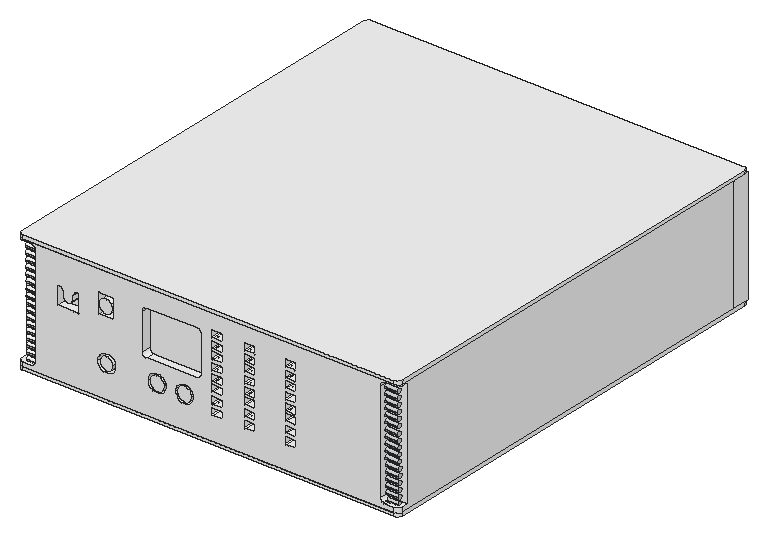
Revit family "RK-MCU", category Electrical Equipment, Revit 2016 (continued)
Definition of nested family "EN54"
  Automatic sketch dimensions
    Extrusion 8 sketch curve to Extrusion 8 sketch curve = 3.078 mm  (x2)
    Extrusion 8 sketch curve to Extrusion 8 sketch curve = 3.867 mm  (x3)
    Extrusion 8 sketch curve to Extrusion 8 sketch curve = 3.836 mm
    Extrusion 8 sketch curve to Extrusion 8 sketch curve = 5.748 mm
    Extrusion 8 sketch curve to Extrusion 8 sketch curve = 5.999 mm
    Extrusion 8 sketch curve to Extrusion 8 sketch curve = 1.356 mm
    Extrusion 8 sketch curve to Extrusion 8 sketch curve = 1.607 mm
    Extrusion 8 sketch curve to Extrusion 8 sketch curve = 2.108 mm
    Extrusion 8 sketch curve to Extrusion 8 sketch curve = 4.079 mm
    Extrusion 8 sketch curve to Extrusion 8 sketch curve = 0.099 mm
    Extrusion 8 sketch curve to Extrusion 8 sketch curve = 0.256 mm
    Extrusion 8 sketch curve to Extrusion 8 sketch curve = 2.892 mm
    Extrusion 8 sketch curve to Extrusion 8 sketch curve = 4.193 mm
    Extrusion 8 sketch curve to Extrusion 8 sketch curve = 6.988 mm
    Extrusion 8 sketch curve to Extrusion 8 sketch curve = 1.396 mm
    Extrusion 8 sketch curve to Extrusion 8 sketch curve = 1.809 mm
    Extrusion 8 sketch curve to Extrusion 8 sketch curve = 1.597 mm
    Extrusion 8 sketch curve to Extrusion 8 sketch curve = 1.666 mm
    Extrusion 8 sketch curve to Extrusion 8 sketch curve = 1.425 mm  (x3)
    Extrusion 8 sketch curve to Extrusion 8 sketch curve = 1.655 mm
    Extrusion 8 sketch curve to Extrusion 8 sketch curve = 5.906 mm
    Extrusion 8 sketch curve to Extrusion 8 sketch curve = 5.872 mm
    Extrusion 8 sketch curve to Extrusion 8 sketch curve = 6.098 mm
    Extrusion 8 sketch curve to Extrusion 8 sketch curve = 1.32 mm
    Extrusion 8 sketch curve to Extrusion 8 sketch curve = 1.094 mm
    Extrusion 8 sketch curve to Extrusion 8 sketch curve = 1.319 mm
    Extrusion 8 sketch curve to Extrusion 8 sketch curve = 2.621 mm
    Extrusion 8 sketch curve to Extrusion 8 sketch curve = 0.681 mm
    Extrusion 8 sketch curve to Extrusion 8 sketch curve = 5.786 mm
    Extrusion 8 sketch curve to Extrusion 8 sketch curve = 3.94 mm
    Extrusion 9 sketch curve to level = 24.635 mm
    Extrusion 9 sketch curve to plane 3 "Center (Left/Right)" = 179.588 mm
    Extrusion 9 sketch curve to Extrusion 9 sketch curve = 2.889 mm
    Extrusion 9 sketch curve to Extrusion 9 sketch curve = 2.92 mm  (x3)
    Extrusion 9 sketch curve to Extrusion 9 sketch curve = 5.575 mm  (x3)
    Extrusion 9 sketch curve to Extrusion 9 sketch curve = 3.097 mm  (x2)
    Extrusion 9 sketch curve to Extrusion 9 sketch curve = 2.184 mm
    Extrusion 9 sketch curve to Extrusion 9 sketch curve = 2.921 mm
    Extrusion 9 sketch curve to Extrusion 9 sketch curve = 6.195 mm
    Extrusion 9 sketch curve to Extrusion 9 sketch curve = 0 mm  (x2)
    Extrusion 9 sketch curve to Extrusion 9 sketch curve = 3.54 mm
    Extrusion 9 sketch curve to Extrusion 9 sketch curve = 2.233 mm
    Extrusion 9 sketch curve to Extrusion 9 sketch curve = 3.28 mm  (x2)
    Extrusion 9 sketch curve to Extrusion 9 sketch curve = 7.433 mm  (x6)
    Extrusion 9 sketch curve to Extrusion 9 sketch curve = 2.124 mm  (x3)
    Extrusion 9 sketch curve to Extrusion 9 sketch curve = 2.649 mm
    Extrusion 9 sketch curve to Extrusion 9 sketch curve = 1.637 mm
    Extrusion 9 sketch curve to Extrusion 9 sketch curve = 3.363 mm
    plane 5 to Extrusion 10 sketch curve = 9.442 mm
    plane 6 to Extrusion 10 sketch curve = 24.351 mm
    Extrusion 10 sketch curve to Extrusion 10 sketch curve = 2.519 mm
    Extrusion 10 sketch curve to Extrusion 10 sketch curve = 3.363 mm  (x2)
    Extrusion 10 sketch curve to Extrusion 10 sketch curve = 0 mm  (x6)
    Extrusion 10 sketch curve to Extrusion 10 sketch curve = 3.613 mm  (x2)
    Extrusion 10 sketch curve to Extrusion 10 sketch curve = 1.087 mm
    Extrusion 10 sketch curve to Extrusion 10 sketch curve = 1.638 mm  (x3)
    Extrusion 10 sketch curve to Extrusion 10 sketch curve = 3.16 mm  (x2)
    Extrusion 10 sketch curve to Extrusion 10 sketch curve = 1.287 mm
    Extrusion 10 sketch curve to Extrusion 10 sketch curve = 1.586 mm
    Extrusion 10 sketch curve to Extrusion 10 sketch curve = 6.086 mm  (x2)
    Extrusion 10 sketch curve to Extrusion 10 sketch curve = 1.72 mm
    Extrusion 10 sketch curve to Extrusion 10 sketch curve = 1.337 mm
    Extrusion 10 sketch curve to Extrusion 10 sketch curve = 1.823 mm
    Extrusion 10 sketch curve to Extrusion 10 sketch curve = 4.486 mm
    Extrusion 10 sketch curve to Extrusion 10 sketch curve = 2.571 mm
    plane 5 to Extrusion 10 sketch curve = 10.632 mm
    Extrusion 10 sketch curve to Extrusion 10 sketch curve = 4.47 mm
    Extrusion 10 sketch curve to Extrusion 10 sketch curve = 3.536 mm
    Extrusion 10 sketch curve to Extrusion 10 sketch curve = 3.628 mm  (x2)
    Extrusion 10 sketch curve to Extrusion 10 sketch curve = 7.172 mm
    Extrusion 10 sketch curve to Extrusion 10 sketch curve = 0.264 mm
    Extrusion 10 sketch curve to Extrusion 10 sketch curve = 0.008 mm
    Extrusion 10 sketch curve to Extrusion 10 sketch curve = 2.893 mm  (x3)
    Extrusion 10 sketch curve to Extrusion 10 sketch curve = 4.437 mm
    Extrusion 10 sketch curve to Extrusion 10 sketch curve = 4.181 mm
    Extrusion 10 sketch curve to Extrusion 10 sketch curve = 1.28 mm
    Extrusion 10 sketch curve to Extrusion 10 sketch curve = 3.312 mm  (x2)
    plane 5 to Extrusion 11 sketch curve = 20.349 mm
    Extrusion 11 sketch curve to plane 3 "Center (Left/Right)" = 175.167 mm
    Extrusion 11 sketch curve to Extrusion 11 sketch curve = 1.296 mm
    Extrusion 11 sketch curve to Extrusion 11 sketch curve = 2.062 mm
    Extrusion 11 sketch curve to Extrusion 11 sketch curve = 1.73 mm
    Extrusion 11 sketch curve to Extrusion 11 sketch curve = 1.934 mm
    Extrusion 11 sketch curve to Extrusion 11 sketch curve = 1.832 mm  (x3)
    Extrusion 11 sketch curve to Extrusion 11 sketch curve = 2.442 mm
    Extrusion 11 sketch curve to Extrusion 11 sketch curve = 1.119 mm
    Extrusion 11 sketch curve to Extrusion 11 sketch curve = 0.814 mm
    Extrusion 11 sketch curve to Extrusion 11 sketch curve = 2.137 mm
    Extrusion 11 sketch curve to Extrusion 11 sketch curve = 0 mm
    Extrusion 11 sketch curve to Extrusion 11 sketch curve = 1.628 mm
    Extrusion 11 sketch curve to Extrusion 11 sketch curve = 1.323 mm
    plane 5 to Extrusion 12 sketch curve = 23 mm  (x3)
    Extrusion 12 sketch curve to plane 3 "Center (Left/Right)" = 172.606 mm
    Extrusion 12 sketch curve to Extrusion 12 sketch curve = 1.575 mm  (x2)
    Extrusion 12 sketch curve to Extrusion 12 sketch curve = 1.196 mm  (x20)
    Extrusion 12 sketch curve to Extrusion 12 sketch curve = 3.945 mm  (x2)
    Extrusion 12 sketch curve to Extrusion 12 sketch curve = 1.525 mm  (x20)
    Extrusion 12 sketch curve to Extrusion 12 sketch curve = 1.323 mm  (x17)
    Extrusion 12 sketch curve to Extrusion 12 sketch curve = 3.66 mm  (x2)
    Extrusion 12 sketch curve to Extrusion 12 sketch curve = 3.091 mm  (x3)
    Extrusion 12 sketch curve to Extrusion 12 sketch curve = 3.041 mm  (x4)
    Extrusion 12 sketch curve to Extrusion 12 sketch curve = 3.874 mm  (x4)
    Extrusion 12 sketch curve to Extrusion 12 sketch curve = 3.823 mm  (x2)
    Extrusion 12 sketch curve to Extrusion 12 sketch curve = 4.353 mm  (x2)
    Extrusion 12 sketch curve to Extrusion 12 sketch curve = 4.885 mm  (x2)
    Extrusion 12 sketch curve to Extrusion 12 sketch curve = 0.417 mm  (x2)
    Extrusion 12 sketch curve to Extrusion 12 sketch curve = 0.8 mm  (x2)
    Extrusion 12 sketch curve to Extrusion 12 sketch curve = 3.143 mm
    Extrusion 12 sketch curve to Extrusion 12 sketch curve = 3.444 mm
    Extrusion 12 sketch curve to Extrusion 12 sketch curve = 1.672 mm
    Extrusion 12 sketch curve to Extrusion 12 sketch curve = 1.988 mm
    Extrusion 12 sketch curve to Extrusion 12 sketch curve = 1.103 mm
    Extrusion 12 sketch curve to Extrusion 12 sketch curve = 3.243 mm
    Extrusion 12 sketch curve to Extrusion 12 sketch curve = 4.465 mm
    Extrusion 12 sketch curve to Extrusion 12 sketch curve = 0 mm  (x23)
    Extrusion 12 sketch curve to Extrusion 12 sketch curve = 1.673 mm  (x10)
    Extrusion 12 sketch curve to Extrusion 12 sketch curve = 2.137 mm  (x30)
    Extrusion 12 sketch curve to Extrusion 12 sketch curve = 4.376 mm  (x20)
    Extrusion 12 sketch curve to Extrusion 12 sketch curve = 1.21 mm  (x2)
    Extrusion 12 sketch curve to Extrusion 12 sketch curve = 2.676 mm  (x4)
    Extrusion 13 sketch curve to level = 10.841 mm
    plane 6 to Extrusion 13 sketch curve = 185 mm
    Extrusion 13 sketch curve to Extrusion 13 sketch curve = 3.274 mm
    Extrusion 13 sketch curve to Extrusion 13 sketch curve = 0 mm  (x2)
    Extrusion 13 sketch curve to Extrusion 13 sketch curve = 2.92 mm  (x2)
    Extrusion 13 sketch curve to Extrusion 13 sketch curve = 5.575 mm  (x2)
    Extrusion 13 sketch curve to Extrusion 13 sketch curve = 3.097 mm  (x2)
    Extrusion 13 sketch curve to Extrusion 13 sketch curve = 3.54 mm
    Extrusion 13 sketch curve to Extrusion 13 sketch curve = 1.239 mm
    Extrusion 13 sketch curve to Extrusion 13 sketch curve = 2.124 mm  (x3)
    Extrusion 13 sketch curve to Extrusion 13 sketch curve = 7.433 mm  (x2)
    Extrusion 13 sketch curve to Extrusion 13 sketch curve = 3.28 mm
    Extrusion 13 sketch curve to Extrusion 13 sketch curve = 2.649 mm
    Extrusion 14 sketch curve to Extrusion 14 sketch curve = 0 mm  (x31)
    Extrusion 14 sketch curve to level = 20.245 mm
    Extrusion 14 sketch curve to plane 3 "Center (Left/Right)" = 99.925 mm
    Extrusion 14 sketch curve to Extrusion 14 sketch curve = 31.757 mm
    Extrusion 14 sketch curve to Extrusion 14 sketch curve = 12.769 mm  (x4)
    Extrusion 14 sketch curve to Extrusion 14 sketch curve = 14.539 mm
    Extrusion 14 sketch curve to Extrusion 14 sketch curve = 12.634 mm  (x2)
    Extrusion 14 sketch curve to level = 27.184 mm
    Extrusion 14 sketch curve to level = 13.367 mm  (x2)
    Extrusion 15 sketch curve to level = 43.206 mm  (x2)
    Extrusion 15 sketch curve to plane 3 "Center (Left/Right)" = 123.115 mm
    Extrusion 15 sketch curve to Extrusion 15 sketch curve = 1.995 mm  (x2)
    Extrusion 15 sketch curve to Extrusion 15 sketch curve = 2.272 mm  (x32)
    Extrusion 15 sketch curve to Extrusion 15 sketch curve = 0.468 mm  (x4)
    Extrusion 15 sketch curve to Extrusion 15 sketch curve = 1.002 mm  (x4)
    Extrusion 15 sketch curve to Extrusion 15 sketch curve = 0.869 mm  (x4)
    Extrusion 15 sketch curve to Extrusion 15 sketch curve = 0.735 mm  (x4)
    Extrusion 15 sketch curve to Extrusion 15 sketch curve = 1.136 mm  (x6)
    Extrusion 15 sketch curve to Extrusion 15 sketch curve = 1.785 mm  (x2)
    Extrusion 15 sketch curve to Extrusion 15 sketch curve = 2.348 mm
    Extrusion 15 sketch curve to Extrusion 15 sketch curve = 3.551 mm  (x2)
    Extrusion 15 sketch curve to Extrusion 15 sketch curve = 1.417 mm  (x2)
    Extrusion 15 sketch curve to Extrusion 15 sketch curve = 1.342 mm  (x2)
    Extrusion 15 sketch curve to Extrusion 15 sketch curve = 0.936 mm  (x2)
    Extrusion 15 sketch curve to Extrusion 15 sketch curve = 1.855 mm
    Extrusion 15 sketch curve to Extrusion 15 sketch curve = 7.462 mm
    Extrusion 15 sketch curve to Extrusion 15 sketch curve = 0 mm  (x77)
    Extrusion 15 sketch curve to Extrusion 15 sketch curve = 0.949 mm  (x12)
    Extrusion 15 sketch curve to Extrusion 15 sketch curve = 1.142 mm  (x12)
    Extrusion 15 sketch curve to Extrusion 15 sketch curve = 0.947 mm  (x10)
    Extrusion 15 sketch curve to Extrusion 15 sketch curve = 2.921 mm  (x4)
    Extrusion 15 sketch curve to Extrusion 15 sketch curve = 3.205 mm  (x3)
    Extrusion 15 sketch curve to Extrusion 15 sketch curve = 4.449 mm
    Extrusion 15 sketch curve to Extrusion 15 sketch curve = 2.628 mm
    Extrusion 15 sketch curve to Extrusion 15 sketch curve = 9.002 mm
    Extrusion 15 sketch curve to Extrusion 15 sketch curve = 4.162 mm
    Extrusion 15 sketch curve to Extrusion 15 sketch curve = 3.291 mm  (x3)
    Extrusion 15 sketch curve to Extrusion 15 sketch curve = 3.392 mm  (x3)
    Extrusion 15 sketch curve to Extrusion 15 sketch curve = 2.406 mm  (x9)
    Extrusion 15 sketch curve to Extrusion 15 sketch curve = 4.019 mm  (x9)
    Extrusion 15 sketch curve to Extrusion 15 sketch curve = 2.688 mm  (x12)
    Extrusion 15 sketch curve to Extrusion 15 sketch curve = 2.454 mm  (x6)
    Extrusion 15 sketch curve to Extrusion 15 sketch curve = 9.697 mm  (x3)
    Extrusion 15 sketch curve to Extrusion 15 sketch curve = 3.894 mm
    plane 5 to Extrusion 16 sketch curve = 27.041 mm
    plane 6 to Extrusion 16 sketch curve = 179.351 mm
    Extrusion 16 sketch curve to Extrusion 16 sketch curve = 2.519 mm
    Extrusion 16 sketch curve to Extrusion 16 sketch curve = 3.363 mm  (x6)
    Extrusion 16 sketch curve to Extrusion 16 sketch curve = 5.882 mm
    Extrusion 16 sketch curve to Extrusion 16 sketch curve = 3.613 mm  (x3)
    Extrusion 16 sketch curve to Extrusion 16 sketch curve = 2.7 mm
    Extrusion 16 sketch curve to Extrusion 16 sketch curve = 3.56 mm
    Extrusion 16 sketch curve to Extrusion 16 sketch curve = 3.192 mm
    Extrusion 16 sketch curve to Extrusion 16 sketch curve = 3.61 mm
    Extrusion 16 sketch curve to Extrusion 16 sketch curve = 3.816 mm
    Extrusion 16 sketch curve to Extrusion 16 sketch curve = 2.571 mm
    Extrusion 16 sketch curve to Extrusion 16 sketch curve = 1.625 mm  (x2)
    Extrusion 16 sketch curve to Extrusion 16 sketch curve = 0 mm  (x5)
    Extrusion 16 sketch curve to Extrusion 16 sketch curve = 1.881 mm
    Extrusion 16 sketch curve to Extrusion 16 sketch curve = 3.628 mm  (x5)
    Extrusion 16 sketch curve to Extrusion 16 sketch curve = 4.437 mm  (x2)
    Extrusion 16 sketch curve to Extrusion 16 sketch curve = 3.312 mm  (x2)
    Extrusion 17 sketch curve to plane 5 = 23.372 mm
    Extrusion 17 sketch curve to plane 6 = 179.351 mm
    Extrusion 17 sketch curve to Extrusion 17 sketch curve = 2.519 mm
    Extrusion 17 sketch curve to Extrusion 17 sketch curve = 3.363 mm  (x6)
    Extrusion 17 sketch curve to Extrusion 17 sketch curve = 5.882 mm
    Extrusion 17 sketch curve to Extrusion 17 sketch curve = 3.613 mm  (x3)
    Extrusion 17 sketch curve to Extrusion 17 sketch curve = 2.7 mm
    Extrusion 17 sketch curve to Extrusion 17 sketch curve = 3.56 mm
    Extrusion 17 sketch curve to Extrusion 17 sketch curve = 3.192 mm
    Extrusion 17 sketch curve to Extrusion 17 sketch curve = 3.61 mm
    Extrusion 17 sketch curve to Extrusion 17 sketch curve = 3.816 mm
    Extrusion 17 sketch curve to Extrusion 17 sketch curve = 2.571 mm
    Extrusion 17 sketch curve to Extrusion 17 sketch curve = 1.625 mm  (x2)
    Extrusion 17 sketch curve to Extrusion 17 sketch curve = 0 mm  (x5)
    Extrusion 17 sketch curve to Extrusion 17 sketch curve = 1.881 mm
    Extrusion 17 sketch curve to Extrusion 17 sketch curve = 3.628 mm  (x5)
    Extrusion 17 sketch curve to Extrusion 17 sketch curve = 4.437 mm  (x2)
    Extrusion 17 sketch curve to Extrusion 17 sketch curve = 3.312 mm  (x2)
    Extrusion 18 sketch curve to level = 11.386 mm
    plane 6 to Extrusion 18 sketch curve = 35 mm
    Extrusion 18 sketch curve to Extrusion 18 sketch curve = 1.422 mm
    Extrusion 18 sketch curve to Extrusion 18 sketch curve = 17.597 mm
    Extrusion 18 sketch curve to Extrusion 18 sketch curve = 2.666 mm
    Extrusion 18 sketch curve to Extrusion 18 sketch curve = 2.311 mm
    Extrusion 18 sketch curve to Extrusion 18 sketch curve = 15 mm
    Extrusion 18 sketch curve to Extrusion 18 sketch curve = 2.689 mm
    plane 4 to Revolve 19 sketch curve = 7.522 mm
    plane 4 to Revolve 19 sketch curve = 0.572 mm
    plane 4 to Revolve 19 sketch curve = 0.035 mm
    Revolve 19 sketch curve to plane 4 = 1.064 mm
    Revolve 19 sketch curve to Revolve 19 sketch curve = 1.414 mm
    plane 5 to Revolve 19 sketch curve = 14.148 mm
    Revolve 19 sketch curve to Revolve 19 sketch curve = 1.742 mm
    Revolve 19 sketch curve to Revolve 19 sketch curve = 2.332 mm
    Revolve 19 sketch curve to Revolve 19 sketch curve = 1.586 mm
    Revolve 19 sketch curve to Revolve 19 sketch curve = 0 mm  (x2)
    plane 4 to Revolve 20 sketch curve = 7.522 mm
    plane 4 to Revolve 20 sketch curve = 0.572 mm
    plane 4 to Revolve 20 sketch curve = 0.035 mm
    Revolve 20 sketch curve to plane 4 = 1.064 mm
    Revolve 20 sketch curve to Revolve 20 sketch curve = 1.414 mm
    plane 5 to Revolve 20 sketch curve = 30.825 mm
    Revolve 20 sketch curve to Revolve 20 sketch curve = 1.742 mm
    Revolve 20 sketch curve to Revolve 20 sketch curve = 2.332 mm
    Revolve 20 sketch curve to Revolve 20 sketch curve = 1.586 mm
    Revolve 20 sketch curve to Revolve 20 sketch curve = 0 mm  (x2)
    Extrusion 21 sketch curve to plane 1 "Center (Front/Back)" = 6.758 mm  (x2)
    Extrusion 21 sketch curve to plane 1 "Center (Front/Back)" = 7.002 mm
    Extrusion 21 sketch curve to Extrusion 21 sketch curve = 0.244 mm  (x2)
    Extrusion 21 sketch curve to Extrusion 21 sketch curve = 0 mm  (x7)
    Extrusion 21 sketch curve to plane 1 "Center (Front/Back)" = 7.307 mm
    Extrusion 21 sketch curve to Extrusion 21 sketch curve = 0.366 mm  (x2)
    Extrusion 21 sketch curve to plane 1 "Center (Front/Back)" = 7.551 mm
    Extrusion 21 sketch curve to plane 1 "Center (Front/Back)" = 7.917 mm
    Extrusion 21 sketch curve to level = 12.89 mm
    Extrusion 21 sketch curve to Extrusion 21 sketch curve = 7 mm  (x11)
    Extrusion 21 sketch curve to Extrusion 21 sketch curve = 6.996 mm  (x2)
    Extrusion 21 sketch curve to Extrusion 21 sketch curve = 6.99 mm  (x2)
    Extrusion 21 sketch curve to Extrusion 21 sketch curve = 7.633 mm
    Extrusion 22 sketch curve to Extrusion 22 sketch curve = 0 mm  (x58)
    plane 6 to Extrusion 22 sketch curve = 43.683 mm
    Extrusion 22 sketch curve to Extrusion 22 sketch curve = 3.972 mm
    Extrusion 22 sketch curve to Extrusion 22 sketch curve = 3.334 mm  (x2)
    Extrusion 22 sketch curve to Extrusion 22 sketch curve = 4.61 mm  (x2)
    Extrusion 22 sketch curve to Extrusion 22 sketch curve = 7.305 mm
    Extrusion 22 sketch curve to Extrusion 22 sketch curve = 21.9 mm
    Extrusion 22 sketch curve to Extrusion 22 sketch curve = 7.926 mm
    Extrusion 22 sketch curve to Extrusion 22 sketch curve = 8.881 mm
    Extrusion 22 sketch curve to Extrusion 22 sketch curve = 8.646 mm
    Extrusion 22 sketch curve to Extrusion 22 sketch curve = 31.388 mm
    Extrusion 22 sketch curve to Extrusion 22 sketch curve = 5 mm  (x3)
    Extrusion 22 sketch curve to Extrusion 22 sketch curve = 11.65 mm
    Extrusion 22 sketch curve to Extrusion 22 sketch curve = 30 mm
    Extrusion 22 sketch curve to level = 23.572 mm
    Extrusion 22 sketch curve to Extrusion 22 sketch curve = 55 mm
    Extrusion 22 sketch curve to Extrusion 22 sketch curve = 13.35 mm
    Extrusion 22 sketch curve to Extrusion 22 sketch curve = 11.48 mm  (x2)
    Extrusion 22 sketch curve to Extrusion 22 sketch curve = 1 mm  (x73)
    Extrusion 22 sketch curve to Extrusion 22 sketch curve = 9.747 mm  (x15)
    Extrusion 22 sketch curve to Extrusion 22 sketch curve = 24.387 mm  (x2)
    Extrusion 22 sketch curve to Extrusion 22 sketch curve = 33.253 mm  (x2)
    Extrusion 22 sketch curve to Extrusion 22 sketch curve = 2.52 mm
    Extrusion 22 sketch curve to level = 31.092 mm
    Extrusion 22 sketch curve to level = 35.571 mm
    Extrusion 22 sketch curve to Extrusion 22 sketch curve = 6.145 mm  (x24)
    Extrusion 22 sketch curve to Extrusion 22 sketch curve = 2.667 mm
    Extrusion 22 sketch curve to Extrusion 22 sketch curve = 4.761 mm  (x2)
    Extrusion 22 sketch curve to Extrusion 22 sketch curve = 1.855 mm  (x6)
    Extrusion 22 sketch curve to Extrusion 22 sketch curve = 4.056 mm
    Extrusion 22 sketch curve to Extrusion 22 sketch curve = 1.852 mm
    Extrusion 22 sketch curve to Extrusion 22 sketch curve = 10.267 mm
    Extrusion 22 sketch curve to Extrusion 22 sketch curve = 3.11 mm  (x3)
    Extrusion 22 sketch curve to Extrusion 22 sketch curve = 9.331 mm
    Extrusion 22 sketch curve to Extrusion 22 sketch curve = 3.023 mm  (x6)
    Extrusion 22 sketch curve to Extrusion 22 sketch curve = 20.067 mm
    Extrusion 22 sketch curve to Extrusion 22 sketch curve = 3.831 mm  (x3)
    plane 5 to Extrusion 22 sketch curve = 39.244 mm
    Extrusion 22 sketch curve to Extrusion 22 sketch curve = 20.866 mm  (x2)
    Extrusion 22 sketch curve to Extrusion 22 sketch curve = 3.031 mm  (x3)
    Extrusion 22 sketch curve to Extrusion 22 sketch curve = 12.068 mm
    Extrusion 23 sketch curve to Extrusion 23 sketch curve = 0 mm  (x148)
    plane 6 to Extrusion 23 sketch curve = 94.066 mm
    Extrusion 23 sketch curve to Extrusion 23 sketch curve = 4.006 mm  (x5)
    Extrusion 23 sketch curve to Extrusion 23 sketch curve = 4.007 mm  (x4)
    Extrusion 23 sketch curve to Extrusion 23 sketch curve = 4.01 mm  (x4)
    Extrusion 23 sketch curve to Extrusion 23 sketch curve = 4.013 mm  (x4)
    Extrusion 23 sketch curve to Extrusion 23 sketch curve = 4.02 mm  (x4)
    Extrusion 23 sketch curve to Extrusion 23 sketch curve = 15.611 mm  (x2)
    Extrusion 23 sketch curve to Extrusion 23 sketch curve = 16.835 mm  (x2)
    Extrusion 23 sketch curve to Extrusion 23 sketch curve = 1.35 mm
    Extrusion 23 sketch curve to Extrusion 23 sketch curve = 3.8 mm  (x6)
    plane 5 to Extrusion 23 sketch curve = 32.544 mm
    Extrusion 23 sketch curve to Extrusion 23 sketch curve = 4.002 mm
    Extrusion 23 sketch curve to Extrusion 23 sketch curve = 4.003 mm
    Extrusion 23 sketch curve to Extrusion 23 sketch curve = 0.951 mm  (x2)
    Extrusion 23 sketch curve to Extrusion 23 sketch curve = 4.66 mm  (x2)
    plane 5 to Extrusion 24 sketch curve = 52.947 mm
    Extrusion 24 sketch curve to plane 3 "Center (Left/Right)" = 179.588 mm
    plane 5 to Extrusion 24 sketch curve = 48.952 mm
    Extrusion 24 sketch curve to Extrusion 24 sketch curve = 2.284 mm
    Extrusion 24 sketch curve to Extrusion 24 sketch curve = 2.126 mm  (x2)
    plane 5 to Extrusion 24 sketch curve = 46.826 mm
    Extrusion 24 sketch curve to Extrusion 24 sketch curve = 8.503 mm
    Extrusion 24 sketch curve to Extrusion 24 sketch curve = 3.753 mm
    Extrusion 24 sketch curve to Extrusion 24 sketch curve = 2.921 mm
    Extrusion 24 sketch curve to Extrusion 24 sketch curve = 3.274 mm
    Extrusion 24 sketch curve to Extrusion 24 sketch curve = 2.92 mm
    Extrusion 24 sketch curve to Extrusion 24 sketch curve = 5.575 mm
    Extrusion 24 sketch curve to Extrusion 24 sketch curve = 3.097 mm
    Extrusion 24 sketch curve to Extrusion 24 sketch curve = 3.54 mm
    Extrusion 24 sketch curve to Extrusion 24 sketch curve = 7.129 mm
    Extrusion 24 sketch curve to Extrusion 24 sketch curve = 2.649 mm
    Extrusion 24 sketch curve to Extrusion 24 sketch curve = 0 mm
    Extrusion 24 sketch curve to Extrusion 24 sketch curve = 2.124 mm  (x2)
    Extrusion 24 sketch curve to Extrusion 24 sketch curve = 7.433 mm
    Extrusion 24 sketch curve to Extrusion 24 sketch curve = 2.572 mm
    Extrusion 25 sketch curve to level = 49.678 mm
    plane 6 to Extrusion 25 sketch curve = 185.732 mm
    Extrusion 25 sketch curve to Extrusion 25 sketch curve = 3.274 mm
    Extrusion 25 sketch curve to Extrusion 25 sketch curve = 2.92 mm
    Extrusion 25 sketch curve to Extrusion 25 sketch curve = 5.575 mm
    Extrusion 25 sketch curve to Extrusion 25 sketch curve = 3.097 mm
    Extrusion 25 sketch curve to Extrusion 25 sketch curve = 3.54 mm
    Extrusion 25 sketch curve to Extrusion 25 sketch curve = 2.572 mm
    Extrusion 25 sketch curve to Extrusion 25 sketch curve = 7.433 mm  (x2)
    Extrusion 25 sketch curve to Extrusion 25 sketch curve = 2.124 mm
    Extrusion 25 sketch curve to Extrusion 25 sketch curve = 3.765 mm
    plane 4 to Revolve 26 sketch curve = 7.522 mm
    plane 4 to Revolve 26 sketch curve = 0.572 mm
    plane 4 to Revolve 26 sketch curve = 0.035 mm
    Revolve 26 sketch curve to plane 4 = 1.064 mm
    Revolve 26 sketch curve to Revolve 26 sketch curve = 1.414 mm
    Revolve 26 sketch curve to level = 24.352 mm
    Revolve 26 sketch curve to Revolve 26 sketch curve = 1.742 mm
    Revolve 26 sketch curve to Revolve 26 sketch curve = 2.332 mm
    Revolve 26 sketch curve to Revolve 26 sketch curve = 1.586 mm
    Revolve 26 sketch curve to Revolve 26 sketch curve = 0 mm  (x2)
    plane 4 to Revolve 27 sketch curve = 7.522 mm
    plane 4 to Revolve 27 sketch curve = 0.572 mm
    plane 4 to Revolve 27 sketch curve = 0.035 mm
    Revolve 27 sketch curve to plane 4 = 1.064 mm
    Revolve 27 sketch curve to Revolve 27 sketch curve = 1.414 mm
    Revolve 27 sketch curve to level = 24.352 mm
    Revolve 27 sketch curve to Revolve 27 sketch curve = 1.742 mm
    Revolve 27 sketch curve to Revolve 27 sketch curve = 2.332 mm
    Revolve 27 sketch curve to Revolve 27 sketch curve = 1.586 mm
    Revolve 27 sketch curve to Revolve 27 sketch curve = 0 mm  (x2)
    plane 4 to Revolve 28 sketch curve = 7.522 mm
    plane 4 to Revolve 28 sketch curve = 0.572 mm
    plane 4 to Revolve 28 sketch curve = 0.035 mm
    Revolve 28 sketch curve to plane 4 = 1.064 mm
    Revolve 28 sketch curve to Revolve 28 sketch curve = 1.414 mm
    plane 5 to Revolve 28 sketch curve = 24.148 mm
    Revolve 28 sketch curve to Revolve 28 sketch curve = 1.742 mm
    Revolve 28 sketch curve to Revolve 28 sketch curve = 2.332 mm
    Revolve 28 sketch curve to Revolve 28 sketch curve = 1.586 mm
    Revolve 28 sketch curve to Revolve 28 sketch curve = 0 mm  (x2)
    plane 4 to Revolve 29 sketch curve = 7.522 mm
    plane 4 to Revolve 29 sketch curve = 0.572 mm
    plane 4 to Revolve 29 sketch curve = 0.035 mm
    Revolve 29 sketch curve to plane 4 = 1.064 mm
    Revolve 29 sketch curve to Revolve 29 sketch curve = 1.414 mm
    plane 5 to Revolve 29 sketch curve = 24.148 mm
    Revolve 29 sketch curve to Revolve 29 sketch curve = 1.742 mm
    Revolve 29 sketch curve to Revolve 29 sketch curve = 2.332 mm
    Revolve 29 sketch curve to Revolve 29 sketch curve = 1.586 mm
    Revolve 29 sketch curve to Revolve 29 sketch curve = 0 mm  (x2)
    plane 4 to Revolve 30 sketch curve = 7.522 mm
    plane 4 to Revolve 30 sketch curve = 0.572 mm
    plane 4 to Revolve 30 sketch curve = 0.035 mm
    Revolve 30 sketch curve to plane 4 = 1.064 mm
    Revolve 30 sketch curve to Revolve 30 sketch curve = 1.414 mm
    Revolve 30 sketch curve to level = 34.106 mm
    Revolve 30 sketch curve to Revolve 30 sketch curve = 1.742 mm
    Revolve 30 sketch curve to Revolve 30 sketch curve = 2.332 mm
    Revolve 30 sketch curve to Revolve 30 sketch curve = 1.586 mm
    Revolve 30 sketch curve to Revolve 30 sketch curve = 0 mm  (x2)
    plane 4 to Revolve 31 sketch curve = 7.522 mm
    plane 4 to Revolve 31 sketch curve = 0.572 mm
    plane 4 to Revolve 31 sketch curve = 0.035 mm
    Revolve 31 sketch curve to plane 4 = 1.064 mm
    Revolve 31 sketch curve to Revolve 31 sketch curve = 1.414 mm
    Revolve 31 sketch curve to level = 34.106 mm
    Revolve 31 sketch curve to Revolve 31 sketch curve = 1.742 mm
    Revolve 31 sketch curve to Revolve 31 sketch curve = 2.332 mm
    Revolve 31 sketch curve to Revolve 31 sketch curve = 1.586 mm
    Revolve 31 sketch curve to Revolve 31 sketch curve = 0 mm  (x2)
    radius of Extrusion 6 sketch curve = 2.052 mm  (x17)
    radius of Extrusion 14 sketch curve = 5 mm  (x11)
    radius of Extrusion 14 sketch curve = 2.688 mm  (x10)
    radius of Extrusion 14 sketch curve = 10 mm
    radius of Extrusion 21 sketch curve = 2.052 mm  (x17)
    radius of Extrusion 22 sketch curve = 7.29 mm
    radius of Extrusion 22 sketch curve = 10 mm  (x3)
    radius of Extrusion 22 sketch curve = 6.891 mm
    radius of Extrusion 22 sketch curve = 7.663 mm  (x2)
    radius of Extrusion 23 sketch curve = 8.937 mm
